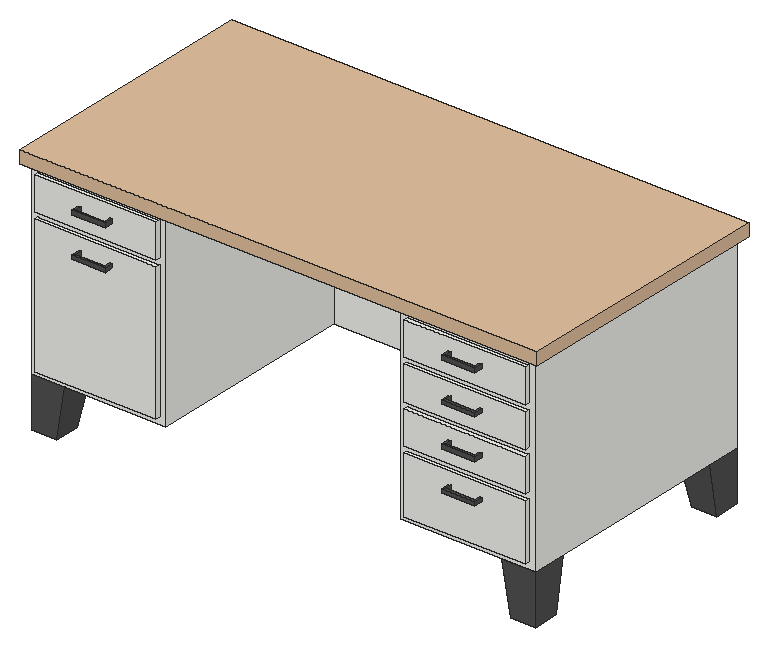
Revit family "M_Desk", category Furniture, Revit 2018
Family settings
  OmniClass Number = 23.40.20.24.31
  OmniClass Title = Desk
  Work Plane-Based = No
  Always vertical = Yes
  Cut with Voids When Loaded = No
  Shared = Yes
  Room Calculation Point = No
Parameters (values of type "1525 x 762mm")
  Assembly Code = ""
  Depth = 762 mm
  Body Material = Laminate, Ivory, Matte
  Handle/Leg Material = Steel, Chrome Plated
  Top Material = Cherry
  Height = 762 mm
  Leg Height = 152 mm
  Width = 1525 mm
Reference planes
  plane 1: z = 0
  plane 2: z = 723.9
  plane 3: z = 152
  plane 4: z = 762
  plane 5 "Center (Left/Right)": x = 0
  plane 6 "Center (Front/Back)": y = 0
  plane 7 "Drawer Edge": y = -393.7
  plane 8: x = -559.3
  plane 9: x = 559.3
  plane 10: z = 304.8
  plane 11: z = 425.45
  plane 12: z = 546.1
  plane 13: z = 666.75
  plane 14: z = 546.1
  plane 15: z = 666.75
  plane 16 "Top": y = 381
  plane 17 "Right": x = 762.5
  plane 18 "Left": x = -762.5
  plane 19 "Bottom": y = -381
Forms (mm)
  Extrusion 1, solid, material "Laminate, Ivory, Matte" <- "Body Material"
    sketch origin (762, 381, 0) x (-1, 0, 0) y (0, -1, 0)
      loop
        line (-0.5, 762) -> (-0.5, 0) -> (1524.5, 0) -> (1524.5, 762) -> (1118.1, 762) -> (1118.1, 127) -> (405.9, 127) -> (405.9, 762) -> (-0.5, 762)
    from 152 to 723.9
  Extrusion 2, solid, material "Cherry" <- "Top Material"
    sketch origin (762, 381, 0) x (-1, 0, 0) y (0, -1, 0)
      loop
        line (-19.55, 781.05) -> (-19.55, -19.05) -> (1543.55, -19.05) -> (1543.55, 781.05) -> (-19.55, 781.05)
    from 723.9 to 762
  Blend 3, solid, material "Steel, Chrome Plated" <- "Handle/Leg Material"
    base sketch origin (762, 381, 0) x (-1, 0, 0) y (0, -1, 0)
      loop
        line (-0.5, 762) -> (-0.5, 685.8) -> (75.7, 685.8) -> (75.7, 762) -> (-0.5, 762)
    top sketch origin (762, 381, 0) x (-1, 0, 0) y (0, -1, 0)
      loop
        line (-0.5, 762) -> (-0.5, 660.4) -> (101.1, 660.4) -> (101.1, 762) -> (-0.5, 762)
    from 0 to 152
  Blend 4, solid, material "Steel, Chrome Plated" <- "Handle/Leg Material"
    base sketch origin (762, 457.2, 0) x (-1, 0, 0) y (0, -1, 0)
      loop
        line (-0.5, 76.2) -> (75.7, 76.2) -> (75.7, 152.4) -> (-0.5, 152.4) -> (-0.5, 76.2)
    top sketch origin (762, 457.2, 0) x (-1, 0, 0) y (0, -1, 0)
      loop
        line (-0.5, 76.2) -> (101.1, 76.2) -> (101.1, 177.8) -> (-0.5, 177.8) -> (-0.5, 76.2)
    from 0 to 152
  Blend 5, solid, material "Steel, Chrome Plated" <- "Handle/Leg Material"
    base sketch origin (762, 457.2, 0) x (-1, 0, 0) y (0, -1, 0)
      loop
        line (1524.5, 76.2) -> (1524.5, 152.4) -> (1448.3, 152.4) -> (1448.3, 76.2) -> (1524.5, 76.2)
    top sketch origin (762, 457.2, 0) x (-1, 0, 0) y (0, -1, 0)
      loop
        line (1524.5, 76.2) -> (1524.5, 177.8) -> (1422.9, 177.8) -> (1422.9, 76.2) -> (1524.5, 76.2)
    from 0 to 152
  Blend 6, solid, material "Steel, Chrome Plated" <- "Handle/Leg Material"
    base sketch origin (762, 381, 0) x (-1, 0, 0) y (0, -1, 0)
      loop
        line (1524.5, 762) -> (1448.3, 762) -> (1448.3, 685.8) -> (1524.5, 685.8) -> (1524.5, 762)
    top sketch origin (762, 381, 0) x (-1, 0, 0) y (0, -1, 0)
      loop
        line (1524.5, 762) -> (1422.9, 762) -> (1422.9, 660.4) -> (1524.5, 660.4) -> (1524.5, 762)
    from 0 to 152
  Extrusion 7, solid, material "Laminate, Ivory, Matte" <- "Body Material"
    sketch origin (-762, -381, 0) x (-1, 0, 0) y (0, 0, 1)
      loop
        line (-1505.45, 704.85) -> (-1505.45, 602.85) -> (-1137.15, 602.85) -> (-1137.15, 704.85) -> (-1505.45, 704.85)
      loop
        line (-1505.45, 171.05) -> (-1137.15, 171.05) -> (-1137.15, 342.5) -> (-1505.45, 342.5) -> (-1505.45, 171.05)
      loop
        line (-1137.15, 583.8) -> (-1505.45, 583.8) -> (-1505.45, 482.2) -> (-1137.15, 482.2) -> (-1137.15, 583.8)
      loop
        line (-1137.15, 463.15) -> (-1505.45, 463.15) -> (-1505.45, 361.55) -> (-1137.15, 361.55) -> (-1137.15, 463.15)
    from -12.7 to 0
  Extrusion 8, solid, material "Laminate, Ivory, Matte" <- "Body Material"
    sketch origin (-1066.8, -533.4, 0) x (1, 0, 0) y (0, 0, -1)
      loop
        line (323.35, -704.85) -> (691.65, -704.85) -> (691.65, -603.25) -> (323.35, -603.25) -> (323.35, -704.85)
      loop
        line (323.35, -171.05) -> (323.35, -584.2) -> (691.65, -584.2) -> (691.65, -171.05) -> (323.35, -171.05)
    from 139.7 to 152.4
  Sweep 9, solid, material "Steel, Chrome Plated" <- "Handle/Leg Material"
    path origin (762, 381, 0) x (-1, 0, 0) y (0, -1, 0)
      loop
        line (151.9, 774.7) -> (151.9, 800.1) -> (253.5, 800.1) -> (253.5, 774.7)
    profile origin (0, -406.4, 0) x (1, 0, 0) y (0, 0, 1)
      loop
        line (610.1, 304.8) -> (603.75, 304.8) -> (603.75, 292.1) -> (610.1, 292.1) -> (610.1, 304.8)
      loop
        line (610.1, 425.45) -> (603.75, 425.45) -> (603.75, 412.75) -> (610.1, 412.75) -> (610.1, 425.45)
      loop
        line (610.1, 546.1) -> (603.75, 546.1) -> (603.75, 533.4) -> (610.1, 533.4) -> (610.1, 546.1)
      loop
        line (610.1, 666.75) -> (603.75, 666.75) -> (603.75, 654.05) -> (610.1, 654.05) -> (610.1, 666.75)
  Sweep 10, solid, material "Steel, Chrome Plated" <- "Handle/Leg Material"
    path origin (762, 381, 0) x (-1, 0, 0) y (0, -1, 0)
      loop
        line (1372.1, 774.7) -> (1372.1, 800.1) -> (1270.5, 800.1) -> (1270.5, 774.7)
    profile origin (0, -406.4, 0) x (1, 0, 0) y (0, 0, 1)
      loop
        line (-610.1, 546.1) -> (-610.1, 533.4) -> (-603.75, 533.4) -> (-603.75, 546.1) -> (-610.1, 546.1)
      loop
        line (-610.1, 666.75) -> (-610.1, 654.05) -> (-603.75, 654.05) -> (-603.75, 666.75) -> (-610.1, 666.75)
Lines and regions (mm)
  Masking region 1
    outline origin (762, 381, 0) x (-1, 0, 0) y (0, -1, 0)
      loop
        line (-0.5, 762) -> (-0.5, 0) -> (1524.5, 0) -> (1524.5, 762) -> (-0.5, 762)
Dimensions and locks
  "Height": plane 1 to plane 4
  plane 3 to plane 1 = 152 mm
  plane 2 to plane 4 = 38.1 mm
  locked: plane 2 to plane 4 at 38.1
  "Leg Height": plane 3 to plane 1
  Extrusion 1 to Extrusion 7 sketch curve = 19.05 mm
  plane 3 to Extrusion 7 sketch curve = 19.05 mm
  Extrusion 7 sketch curve to plane 2 = 19.05 mm
  plane 13 to Extrusion 7 = 38.1 mm
  plane 12 to Extrusion 7 = 37.7 mm
  plane 11 to Extrusion 7 = 37.7 mm
  plane 10 to Extrusion 7 = 37.7 mm
  plane 15 to Extrusion 8 = 38.1 mm
  plane 14 to Extrusion 8 = 38.1 mm
  locked: plane 9 to plane 17 "Right" at 203.2
  locked: plane 19 "Bottom" to plane 7 "Drawer Edge" at 12.7
  equal spacing: plane 18 "Left", plane 5 "Center (Left/Right)", plane 17 "Right"
  "Width": plane 18 "Left" to plane 17 "Right"
  equal spacing: plane 16 "Top", plane 6 "Center (Front/Back)", plane 19 "Bottom"
  "Depth": plane 16 "Top" to plane 19 "Bottom"
  locked: Extrusion 2 sketch curve to plane 18 "Left" at 19.05
  locked: Extrusion 2 sketch curve to plane 16 "Top" at 19.05
  locked: plane 17 "Right" to Extrusion 2 sketch curve at 19.05
  locked: plane 19 "Bottom" to Extrusion 2 sketch curve at 19.05
  locked: plane 18 "Left" to plane 8 at 203.2
  locked: plane 18 "Left" to Blend 5 sketch curve at 76.2
  locked: plane 16 "Top" to Blend 5 sketch curve at 76.2
  locked: plane 16 "Top" to Blend 4 sketch curve at 76.2
  locked: Blend 4 sketch curve to plane 17 "Right" at 76.2
  locked: plane 16 "Top" to Blend 5 sketch curve at 101.6
  locked: plane 18 "Left" to Blend 5 sketch curve at 101.6
  locked: Blend 4 sketch curve to plane 17 "Right" at 101.6
  locked: plane 16 "Top" to Blend 4 sketch curve at 101.6
  aligned and locked: Extrusion 1 to plane 2
  aligned and locked: plane 2 to Extrusion 2
  aligned and locked: Extrusion 2 to plane 4
  aligned and locked: Extrusion 1 to plane 3
  aligned and locked: Blend 4 to plane 3
  aligned and locked: plane 3 to Blend 5
  aligned and locked: Blend 3 to plane 3
  aligned and locked: plane 3 to Blend 6
  aligned and locked: Extrusion 7 to plane 7 "Drawer Edge"
  aligned and locked: Extrusion 8 to plane 7 "Drawer Edge"
  aligned and locked: Extrusion 1 sketch curve to plane 16 "Top"
  aligned and locked: plane 18 "Left" to Extrusion 1 sketch curve
  aligned and locked: Masking region 1 sketch curve to plane 16 "Top"
  aligned and locked: plane 18 "Left" to Masking region 1 sketch curve
  aligned and locked: plane 19 "Bottom" to Extrusion 8
  aligned and locked: Extrusion 1 to plane 19 "Bottom"
  aligned and locked: plane 19 "Bottom" to Extrusion 1 sketch curve
  aligned and locked: plane 19 "Bottom" to Extrusion 7
  aligned and locked: Blend 5 sketch curve to plane 18 "Left"
  aligned and locked: Blend 5 sketch curve to plane 16 "Top"
  aligned and locked: Blend 4 sketch curve to plane 17 "Right"
  aligned and locked: plane 16 "Top" to Blend 4 sketch curve
Automatic sketch dimensions
  Blend 3 sketch curve to Blend 3 sketch curve = 76.2 mm
  Blend 3 sketch curve to Blend 3 sketch curve = 101.6 mm
  Blend 4 sketch curve to Blend 4 sketch curve = 101.6 mm  (x2)
  Blend 6 sketch curve to Blend 6 sketch curve = 76.2 mm  (x2)
  Blend 6 sketch curve to Blend 6 sketch curve = 101.6 mm  (x2)
  plane 9 to Extrusion 7 sketch curve = 184.15 mm
  Extrusion 7 sketch curve to Extrusion 7 sketch curve = 0 mm  (x5)
  Extrusion 7 sketch curve to Extrusion 7 sketch curve = 171.45 mm
  Extrusion 7 sketch curve to Extrusion 7 sketch curve = 19.05 mm  (x3)
  Extrusion 7 sketch curve to Extrusion 7 sketch curve = 101.6 mm  (x2)
  plane 2 to Extrusion 8 sketch curve = 19.05 mm
  plane 8 to Extrusion 8 sketch curve = 184.15 mm
  Extrusion 8 sketch curve to Extrusion 8 sketch curve = 0 mm
  Extrusion 8 sketch curve to Extrusion 8 sketch curve = 101.6 mm
  Extrusion 8 sketch curve to Extrusion 8 sketch curve = 19.05 mm
  Extrusion 8 sketch curve to plane 3 = 19.05 mm
  Sweep 9 sketch curve to plane 7 "Drawer Edge" = 0 mm  (x2)
  plane 7 "Drawer Edge" to Sweep 9 sketch curve = 25.4 mm
  Sweep 9 sketch curve to plane 9 = 50.8 mm
  plane 9 to Sweep 9 sketch curve = 50.8 mm
  Sweep 9 sketch curve to plane 10 = 0 mm
  Sweep 9 sketch curve to plane 13 = 0 mm
  Sweep 9 sketch curve to plane 12 = 0 mm
  Sweep 9 sketch curve to plane 11 = 0 mm
  Sweep 9 sketch curve to profile plane = 0 mm  (x4)
  Sweep 9 sketch curve to Sweep 9 sketch curve = 6.35 mm  (x4)
  plane 10 to Sweep 9 sketch curve = 12.7 mm
  plane 11 to Sweep 9 sketch curve = 12.7 mm
  plane 12 to Sweep 9 sketch curve = 12.7 mm
  plane 13 to Sweep 9 sketch curve = 12.7 mm
  Sweep 10 sketch curve to plane 7 "Drawer Edge" = 0 mm  (x2)
  plane 7 "Drawer Edge" to Sweep 10 sketch curve = 25.4 mm
  plane 8 to Sweep 10 sketch curve = 50.8 mm
  Sweep 10 sketch curve to plane 8 = 50.8 mm
  Sweep 10 sketch curve to profile plane = 0 mm  (x2)
  Sweep 10 sketch curve to plane 15 = 0 mm
  Sweep 10 sketch curve to plane 14 = 0 mm
  Sweep 10 sketch curve to Sweep 10 sketch curve = 6.35 mm  (x2)
  plane 14 to Sweep 10 sketch curve = 12.7 mm
  plane 15 to Sweep 10 sketch curve = 12.7 mm
  Blend 3 sketch curve to plane 9 = 203.2 mm  (x2)
  Extrusion 7 sketch curve to plane 9 = 184.15 mm
  Blend 5 sketch curve to Blend 5 sketch curve = 101.6 mm  (x2)
  Blend 6 sketch curve to plane 8 = 127 mm
  Blend 6 sketch curve to plane 8 = 101.6 mm
  Extrusion 8 sketch curve to plane 8 = 184.15 mm  (x2)
  Blend 3 sketch curve to plane 7 "Drawer Edge" = 88.9 mm
  Blend 3 sketch curve to plane 7 "Drawer Edge" = 12.7 mm  (x2)
  Blend 3 sketch curve to plane 7 "Drawer Edge" = 114.3 mm
  Blend 6 sketch curve to plane 7 "Drawer Edge" = 88.9 mm
  Blend 6 sketch curve to plane 7 "Drawer Edge" = 114.3 mm
  Masking region 1 sketch curve to plane 17 "Right" = 0 mm
  Masking region 1 sketch curve to plane 19 "Bottom" = 0 mm
  Extrusion 1 sketch curve to plane 17 "Right" = 0 mm
  Extrusion 1 sketch curve to plane 19 "Bottom" = 0 mm
  plane 9 to Extrusion 1 sketch curve = 203.2 mm
  plane 8 to Extrusion 1 sketch curve = 203.2 mm
  Extrusion 1 sketch curve to plane 16 "Top" = 127 mm
